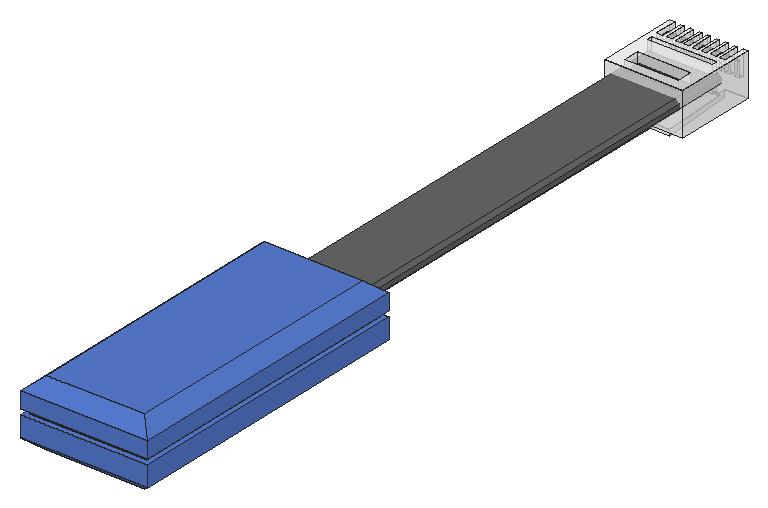
Revit family "NXBTC", category Communication Devices, host Face, Revit 2021
Family settings
  Host = Face
  Maintain Annotation Orientation = No
  Round Connector Dimension = Use Diameter
  Part Type = Normal
  OmniClass Number = 23.85.80.11.27
  OmniClass Title = Lighting Controls
  Cut with Voids When Loaded = No
  Shared = Yes
  Room Calculation Point = No
Parameters (values of type "NXBTC")
  Warranty = "5-Years Warranty"  # constant formula
  Voltage = "24V"
  Type Comments = "Bluetooth® Radio Controller"  # constant formula
  Product Page URL = ""
  Product Documentation Link = ""
  URL = "https://www.currentlighting.com/nxlightingcontrols"
  Model = "NXBTC"  # constant formula
  Manufacturer = " NX Lighting Controls"  # constant formula
  Plug = Glass -  White
  Features = "Bluetooth Technology (Version 4.1)\r\n• Easily pairs with smart phone with active Bluetooth radio\r\n• control App available for free download from Apple®\r\nand Google Play™\r\n• Simple RJ45 plug in connection to NX SmartPORT™\r\n• Low voltage device: 24 VDC\r\n• NXBTC provides real time clock function for scheduling\r\n• NXBTC is cULus listed for use in a return air plenum"  # constant formula
  Description = "The NXBTC Bluetooth® Radio Bridge provides a wireless communication bridge for communication via iOS® or Android™ smart device Apps. The compact bridge connects to and is powered by an NX SmartPORT™. The NXBTC uses Bluetooth technology allowing the radio to easily pair with the smart phone. Communication with the NX system for setup and control requires installation of the NX iOS or Android App on the smart device. The NXBTC version of the Bluetooth Radio Bridge contains a Real Time Clock chip and allows schedules to be downloaded and run in stand-alone NXRC Room Controller applications without a network. The NXBTC version also provides password protection for user access preventing unauthorized Bluetooth connection of a smart device."  # constant formula
  Default Elevation = 48.00"
  Copyright = "Copyright ©  NX Lighting Controls"  # constant formula
  Contact Us = ""
  Housing Material = Metal-Aluminum Anodized Blue
  Cable = Paint -  Carbon Black
  Assembly Code = "D5090"
Reference planes (in)
  plane 1 "Center (Front/Back)": y = 13.01342
  plane 2: z = 0
  plane 3 "Center (Left/Right)": x = 0
  plane 4: y = 15.46342
  plane 5: y = 10.56342
  plane 6: x = -0.4
  plane 7: x = 0.4
  plane 8: y = 12.45342
Forms (in)
  Extrusion 1, solid, material "Metal-Aluminum Anodized Blue" <- "Housing Material"
    sketch origin (0, 0, 0) x (1, 0, 0) y (0, 1, 0)
      loop
        line (-0.4, 10.56342) -> (0.4, 10.56342) -> (0.4, 12.45342) -> (-0.4, 12.45342) -> (-0.4, 10.56342)
    from 0 to 0.42
  Sweep 2, void
    path in 3D
      loop
        line (-0.4, 10.56342, 0.42) -> (0.4, 10.56342, 0.42) -> (0.4, 12.45342, 0.42) -> (-0.4, 12.45342, 0.42) -> (-0.4, 10.56342, 0.42)
    profile origin (-0.4, 11.50842, 0.42) x (1, 0, 0) y (0, 0, 1)
      loop
        line (0, 0) -> (0, -0.07739) -> (0.09223, 0) -> (0, 0)
      loop
        line (0, -0.41926) -> (0.09223, -0.41926) -> (0, -0.34188) -> (0, -0.41926)
      loop
        line (0, -0.20963) -> (0.03418, -0.20963) -> (0.03418, -0.17841) -> (0, -0.17841) -> (0, -0.20963)
  Extrusion 3, solid, material "Paint -  Carbon Black" <- "Cable"
    sketch origin (0, 13.01342, 0) x (1, 0, 0) y (0, 0, 1)
      loop
        line (-0.2291, 0.21037) -> (-0.20691, 0.18818) -> (0.19519, 0.18818) -> (0.21738, 0.21037) -> (0.21738, 0.24159) -> (0.19519, 0.26378) -> (-0.20691, 0.26378) -> (-0.2291, 0.24159) -> (-0.2291, 0.21037)
    from -2.26471 to 0.65223
  Extrusion 4, solid, material "Glass -  White" <- "Plug"
    sketch origin (0, 0, -0.09459) x (1, 0, 0) y (0, 1, 0)
      loop
        line (-0.25222, 14.95342) -> (0.24149, 14.95342) -> (0.24149, 15.46342) -> (-0.25222, 15.46342) -> (-0.25222, 14.95342)
    from 0.14869 to 0.42
  Extrusion 5, void
    sketch origin (0, 0, -0.09459) x (1, 0, 0) y (0, 1, 0)
      loop
        line (-0.17679, 15.018) -> (0.15984, 15.018) -> (0.15984, 15.11856) -> (-0.17679, 15.11856) -> (-0.17679, 15.018)
      loop
        line (-0.21395, 15.27813) -> (-0.21395, 15.24316) -> (0.19482, 15.24316) -> (0.19482, 15.27813) -> (-0.21395, 15.27813)
    from 0.25 to 0.42
  Extrusion 6, void
    sketch origin (0.05776, 0, -0.09459) x (0, 1, 0) y (0, 0, 1)
      loop
        line (15.46342, 0.42) -> (15.32089, 0.42) -> (15.32089, 0.389) -> (15.40667, 0.389)
        arc (15.40667, 0.389) -> (15.42488, 0.38146) -> (15.43242, 0.36325) r 0.02575
        line (15.43242, 0.36325) -> (15.43242, 0.26681) -> (15.46342, 0.26681) -> (15.46342, 0.42)
    from -0.21395 to -0.17679
  Extrusion 7, void
    sketch origin (0.11559, 0, -0.09459) x (0, 1, 0) y (0, 0, 1)
      loop
        line (15.46342, 0.42) -> (15.32089, 0.42) -> (15.32089, 0.389) -> (15.40667, 0.389)
        arc (15.40667, 0.389) -> (15.42488, 0.38146) -> (15.43242, 0.36325) r 0.02575
        line (15.43242, 0.36325) -> (15.43242, 0.26681) -> (15.46342, 0.26681) -> (15.46342, 0.42)
    from -0.21395 to -0.17679
  Extrusion 8, void
    sketch origin (0.16757, 0, -0.09459) x (0, 1, 0) y (0, 0, 1)
      loop
        line (15.46342, 0.42) -> (15.32089, 0.42) -> (15.32089, 0.389) -> (15.40667, 0.389)
        arc (15.40667, 0.389) -> (15.42488, 0.38146) -> (15.43242, 0.36325) r 0.02575
        line (15.43242, 0.36325) -> (15.43242, 0.26681) -> (15.46342, 0.26681) -> (15.46342, 0.42)
    from -0.21395 to -0.17679
  Extrusion 9, void
    sketch origin (-0.00195, 0, -0.09459) x (0, 1, 0) y (0, 0, 1)
      loop
        line (15.46342, 0.42) -> (15.32089, 0.42) -> (15.32089, 0.389) -> (15.40667, 0.389)
        arc (15.40667, 0.389) -> (15.42488, 0.38146) -> (15.43242, 0.36325) r 0.02575
        line (15.43242, 0.36325) -> (15.43242, 0.26681) -> (15.46342, 0.26681) -> (15.46342, 0.42)
    from -0.21395 to -0.17679
  Extrusion 10, solid, material "Glass -  White" <- "Plug"
    sketch origin (0, 0, 0) x (1, 0, 0) y (0, 1, 0)
      loop
        line (-0.09952, 15.42475) -> (0.00245, 15.42475) -> (0.09671, 15.42475) -> (0.09671, 15.46342) -> (-0.09952, 15.46342) -> (-0.09952, 15.42475)
    from 0.04 to 0.1
  Extrusion 11, solid, material "Glass -  White" <- "Plug"
    sketch origin (0, 0, 0) x (0, 1, 0) y (0, 0, 1)
      loop
        line (15.46342, 0.04) -> (15.42475, 0.04) -> (15.02814, 0.01921) -> (15.02814, -0.01504) -> (15.46342, 0.00777) -> (15.46342, 0.04)
    from -0.09952 to 0.09671
  Extrusion 12, void
    sketch origin (-0.05776, 0, -0.09459) x (0, 1, 0) y (0, 0, -1)
      loop
        line (15.46342, -0.42) -> (15.46342, -0.26681) -> (15.43242, -0.26681) -> (15.43242, -0.36325)
        arc (15.43242, -0.36325) -> (15.42488, -0.38146) -> (15.40667, -0.389) r 0.02575
        line (15.40667, -0.389) -> (15.32089, -0.389) -> (15.32089, -0.42) -> (15.46342, -0.42)
    from -0.21395 to -0.17679
  Extrusion 13, void
    sketch origin (-0.11559, 0, -0.09459) x (0, 1, 0) y (0, 0, -1)
      loop
        line (15.46342, -0.42) -> (15.46342, -0.26681) -> (15.43242, -0.26681) -> (15.43242, -0.36325)
        arc (15.43242, -0.36325) -> (15.42488, -0.38146) -> (15.40667, -0.389) r 0.02575
        line (15.40667, -0.389) -> (15.32089, -0.389) -> (15.32089, -0.42) -> (15.46342, -0.42)
    from -0.21395 to -0.17679
  Extrusion 14, void
    sketch origin (-0.16757, 0, -0.09459) x (0, 1, 0) y (0, 0, -1)
      loop
        line (15.46342, -0.42) -> (15.46342, -0.26681) -> (15.43242, -0.26681) -> (15.43242, -0.36325)
        arc (15.43242, -0.36325) -> (15.42488, -0.38146) -> (15.40667, -0.389) r 0.02575
        line (15.40667, -0.389) -> (15.32089, -0.389) -> (15.32089, -0.42) -> (15.46342, -0.42)
    from -0.21395 to -0.17679
  Extrusion 15, void
    sketch origin (0.00195, 0, -0.09459) x (0, 1, 0) y (0, 0, -1)
      loop
        line (15.46342, -0.42) -> (15.46342, -0.26681) -> (15.43242, -0.26681) -> (15.43242, -0.36325)
        arc (15.43242, -0.36325) -> (15.42488, -0.38146) -> (15.40667, -0.389) r 0.02575
        line (15.40667, -0.389) -> (15.32089, -0.389) -> (15.32089, -0.42) -> (15.46342, -0.42)
    from -0.21395 to -0.17679
Cuts and joins
  Sweep 2 cuts Extrusion 1
  Extrusion 5 cuts Extrusion 3
  Extrusion 5, Extrusion 6, Extrusion 7, Extrusion 8, Extrusion 9, Extrusion 12, Extrusion 13, Extrusion 14, Extrusion 15 cuts Extrusion 4
  Extrusion 12, Extrusion 13, Extrusion 14, Extrusion 15 cuts Extrusion 10
  Extrusion 12, Extrusion 13, Extrusion 14, Extrusion 15 cuts Extrusion 11
  joined: Extrusion 4, Extrusion 10, Extrusion 11
Lines and regions (in)
  sketch lines
    curve 1: line (-0.4, 12.45342, 0.42) -> (-0.4, 10.56342, 0.42)
    curve 2: line (-0.4, 10.56342, 0.42) -> (0.4, 10.56342, 0.42)
    curve 3: line (0.4, 10.56342, 0.42) -> (0.4, 12.45342, 0.42)
    curve 4: line (0.4, 12.45342, 0.42) -> (-0.4, 12.45342, 0.42)
Dimensions and locks (in)
  locked: plane 5 to plane 8 at 1.89
  equal spacing: plane 5, plane 1 "Center (Front/Back)", plane 4
  plane 5 to plane 4 = 4.90"
  locked: plane 6 to plane 7 at 0.8
  aligned and locked: plane 2 to host face
  aligned and locked: level to host face
  aligned and locked: Extrusion 3 to cut or joined group of Extrusion 1, Sweep 2
  aligned and locked: Extrusion 11 to Extrusion 10
  aligned and locked: Extrusion 10 to Extrusion 11
Automatic sketch dimensions
  host sketch curve to host sketch curve = 96.00"  (x2)
  Extrusion 1 sketch curve to plane 6 = 0.00"
  Extrusion 1 sketch curve to plane 7 = 0.00"
  plane 5 to Extrusion 1 sketch curve = 0.00"
  plane 8 to Extrusion 1 sketch curve = 0.00"
  profile plane to Sweep 2 sketch curve = 0.00"  (x3)
  Sweep 2 sketch curve to profile plane = 0.00"
  Sweep 2 sketch curve to profile plane = 0.03418"
  Sweep 2 sketch curve to Sweep 2 sketch curve = 0.09223"
  Sweep 2 sketch curve to profile plane = 0.09223"
  Sweep 2 sketch curve to profile plane = 0.07739"
  Sweep 2 sketch curve to Sweep 2 sketch curve = 0.10102"
  Sweep 2 sketch curve to Sweep 2 sketch curve = 0.03122"
  Sweep 2 sketch curve to Sweep 2 sketch curve = 0.13224"
  Sweep 2 sketch curve to Sweep 2 sketch curve = 0.07739"
  plane 6 to Extrusion 3 sketch curve = 0.1709"
  Extrusion 3 sketch curve to Extrusion 3 sketch curve = 0.02219"  (x6)
  plane 3 "Center (Left/Right)" to Extrusion 3 sketch curve = 0.19519"
  Extrusion 3 sketch curve to Extrusion 3 sketch curve = 0.00"
  level to Extrusion 3 sketch curve = 0.18818"
  Extrusion 3 sketch curve to Extrusion 3 sketch curve = 0.03122"  (x2)
  plane 4 to Extrusion 4 sketch curve = 0.00"
  plane 6 to Extrusion 4 sketch curve = 0.14778"
  Extrusion 4 sketch curve to plane 7 = 0.15851"
  plane 4 to Extrusion 4 sketch curve = 0.51"
  plane 6 to Extrusion 5 sketch curve = 0.18605"
  Extrusion 5 sketch curve to Extrusion 5 sketch curve = 0.03716"
  plane 3 "Center (Left/Right)" to Extrusion 5 sketch curve = 0.15984"
  Extrusion 5 sketch curve to Extrusion 5 sketch curve = 0.03498"  (x2)
  plane 4 to Extrusion 5 sketch curve = 0.44542"
  Extrusion 5 sketch curve to Extrusion 5 sketch curve = 0.10055"
  Extrusion 5 sketch curve to Extrusion 5 sketch curve = 0.1246"
  Extrusion 6 sketch curve to plane 4 = 0.00"
  plane 4 to Extrusion 6 sketch curve = 0.031"
  Extrusion 6 sketch curve to Extrusion 6 sketch curve = 0.02575"
  Extrusion 6 sketch curve to Extrusion 6 sketch curve = 0.08578"
  level to Extrusion 6 sketch curve = 0.17222"
  Extrusion 6 sketch curve to Extrusion 6 sketch curve = 0.09644"
  Extrusion 6 sketch curve to Extrusion 6 sketch curve = 0.031"
  Extrusion 7 sketch curve to plane 4 = 0.00"
  plane 4 to Extrusion 7 sketch curve = 0.031"
  Extrusion 7 sketch curve to Extrusion 7 sketch curve = 0.02575"
  Extrusion 7 sketch curve to Extrusion 7 sketch curve = 0.08578"
  level to Extrusion 7 sketch curve = 0.17222"
  Extrusion 7 sketch curve to Extrusion 7 sketch curve = 0.09644"
  Extrusion 7 sketch curve to Extrusion 7 sketch curve = 0.031"
  Extrusion 8 sketch curve to plane 4 = 0.00"
  plane 4 to Extrusion 8 sketch curve = 0.031"
  Extrusion 8 sketch curve to Extrusion 8 sketch curve = 0.02575"
  Extrusion 8 sketch curve to Extrusion 8 sketch curve = 0.08578"
  level to Extrusion 8 sketch curve = 0.17222"
  Extrusion 8 sketch curve to Extrusion 8 sketch curve = 0.09644"
  Extrusion 8 sketch curve to Extrusion 8 sketch curve = 0.031"
  Extrusion 9 sketch curve to plane 4 = 0.00"
  plane 4 to Extrusion 9 sketch curve = 0.031"
  Extrusion 9 sketch curve to Extrusion 9 sketch curve = 0.02575"
  Extrusion 9 sketch curve to Extrusion 9 sketch curve = 0.08578"
  level to Extrusion 9 sketch curve = 0.17222"
  Extrusion 9 sketch curve to Extrusion 9 sketch curve = 0.09644"
  Extrusion 9 sketch curve to Extrusion 9 sketch curve = 0.031"
  plane 4 to Extrusion 10 sketch curve = 0.00"
  plane 4 to Extrusion 10 sketch curve = 0.03867"
  Extrusion 10 sketch curve to plane 3 "Center (Left/Right)" = 0.09952"
  plane 3 "Center (Left/Right)" to Extrusion 10 sketch curve = 0.00245"
  Extrusion 10 sketch curve to Extrusion 10 sketch curve = 0.09426"
  Extrusion 11 sketch curve to plane 4 = 0.00"
  plane 4 to Extrusion 11 sketch curve = 0.03867"
  level to Extrusion 11 sketch curve = 0.01921"
  Extrusion 11 sketch curve to Extrusion 11 sketch curve = 0.39661"
  level to Extrusion 11 sketch curve = 0.00777"
  Extrusion 11 sketch curve to level = 0.01504"
  level to Extrusion 11 sketch curve = 0.04"
  Extrusion 12 sketch curve to plane 4 = 0.00"
  plane 4 to Extrusion 12 sketch curve = 0.031"
  Extrusion 12 sketch curve to Extrusion 12 sketch curve = 0.02575"
  Extrusion 12 sketch curve to Extrusion 12 sketch curve = 0.08578"
  level to Extrusion 12 sketch curve = 0.32541"
  Extrusion 12 sketch curve to Extrusion 12 sketch curve = 0.031"
  Extrusion 12 sketch curve to Extrusion 12 sketch curve = 0.09644"
  Extrusion 13 sketch curve to plane 4 = 0.00"
  plane 4 to Extrusion 13 sketch curve = 0.031"
  Extrusion 13 sketch curve to Extrusion 13 sketch curve = 0.02575"
  Extrusion 13 sketch curve to Extrusion 13 sketch curve = 0.08578"
  level to Extrusion 13 sketch curve = 0.32541"
  Extrusion 13 sketch curve to Extrusion 13 sketch curve = 0.031"
  Extrusion 13 sketch curve to Extrusion 13 sketch curve = 0.09644"
  Extrusion 14 sketch curve to plane 4 = 0.00"
  plane 4 to Extrusion 14 sketch curve = 0.031"
  Extrusion 14 sketch curve to Extrusion 14 sketch curve = 0.02575"
  Extrusion 14 sketch curve to Extrusion 14 sketch curve = 0.08578"
  level to Extrusion 14 sketch curve = 0.32541"
  Extrusion 14 sketch curve to Extrusion 14 sketch curve = 0.031"
  Extrusion 14 sketch curve to Extrusion 14 sketch curve = 0.09644"
  Extrusion 15 sketch curve to plane 4 = 0.00"
  plane 4 to Extrusion 15 sketch curve = 0.031"
  Extrusion 15 sketch curve to Extrusion 15 sketch curve = 0.02575"
  Extrusion 15 sketch curve to Extrusion 15 sketch curve = 0.08578"
  level to Extrusion 15 sketch curve = 0.32541"
  Extrusion 15 sketch curve to Extrusion 15 sketch curve = 0.031"
  Extrusion 15 sketch curve to Extrusion 15 sketch curve = 0.09644"
Connectors (in)
  electrical at (0, 11.50842, 0.21037)
    settings: on cut or joined group of Extrusion 1, Sweep 2, index 1, voltage 0 V, apparent load 0 VA, apparent load phase1 0 VA, apparent load phase2 0 VA, apparent load phase3 0 VA, power factor 1, load classification "Other", number of poles 1, system type 13, power factor state 1, is connector primary yes, connector utility no, sub classification motor no, connector description "Bluetooth Radio Controller"
